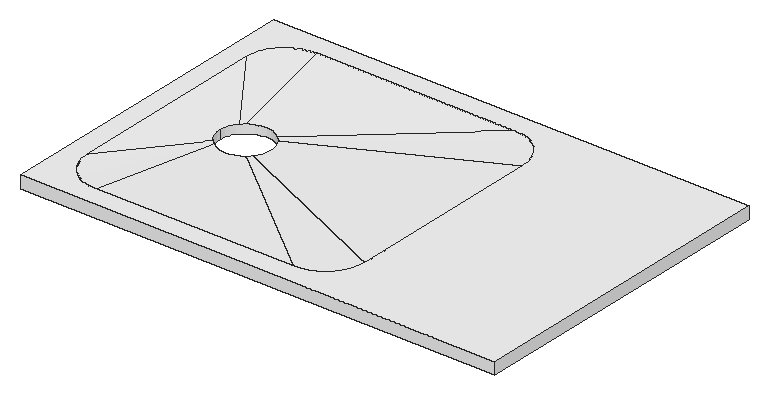
Revit family "NBS_DuPontCorian_ShowerTrays_Smart", category Plumbing Fixtures, host Face, Revit 2015
Parameters
  WarrantyStartDate [instance] = "1900-12-31T23:59:59"
  WarrantyGuarantorParts = "n/a"
  WarrantyGuarantorLabor = "n/a"
  WarrantyDurationUnit = "year"
  WarrantyDurationParts = "n/a"
  WarrantyDurationLabor = "n/a"
  WarrantyDescription = "n/a"
  WFU = 0
  Version = "1"  # constant formula
  Uniclass2015Version = "Products v1.3"
  Uniclass2015Title = "Shower trays"
  Uniclass2015Code = "Pr_40_20_06_84"
  TagNumber [instance] = "n/a"
  SustainabilityPerformance = "n/a"
  SlopeWidth = 700.00 mm
  SlopeLength = 700.00 mm
  Width = 800.00 mm
  TrayPlacementAboveSurface = 1.00 mm
  Size = "1200x800x30mm"
  ShowerType = "NotKnown"
  ShowerTrayMaterial = NBS_Concept
  ShowerHeadDescription = "n/a"
  Shape = "Rectangular"
  SerialNumber [instance] = "n/a"
  Revision = "n/a"
  ReplacementCost = "n/a"
  ProductInformation = "www.dupont.co.uk/products-and-services/construction-materials/surface-design-materials/brands/corian-solid-surfaces/products/sinks.html?elqTrackId=01f5f20e93e848a3ab5f9e2efde4dc0f&elqaid=1733&elqat=2"
  OverflowAndWasteHolesWaste = "n/a"
  NominalWidth = 0.00 mm
  NominalLength = Length  # 1200.00 mm
  NominalHeight = Depth  # 30.00 mm
  NominalDepth = Width  # 800.00 mm
  Name = "ShowerTrays_Smart8211_DuPont Corian"
  NBSTypeID = "n/a"
  NBSReference = "45-35-70/336"
  NBSOfficeMasterTag = "n/a"
  NBSNote = "n/a"
  NBSDescription = "Shower trays"
  NBSCertification = "www.nationalbimlibrary.com/cert/4p2cz4hj"
  ModelReference = "Smart 8211"
  ModelNumber = "8211"
  MaterialsBody = "n/a"
  MaterialThickness = 0.00 mm
  Material = "n/a"
  ManufacturerURL = "www.corian.co.uk"
  ManufacturerName = "DuPont™ Corian®"  # constant formula
  Manufacturer = "sales@corian.co.uk"
  Length = 1200.00 mm
  IntegralAccessories = "n/a"
  InstallationDate [instance] = "1900-12-31T23:59:59"
  IfcExportType = "SHOWER"  # constant formula
  IfcExportAs = "IfcSanitaryTerminalType"  # constant formula
  HasTray = yes
  Grade = "n/a"
  Form = "n/a"
  Finish = "n/a"
  Features = "n/a"
  ExpectedLife = "n/a"
  DurationUnit = "year"
  DrainSize = 90.00 mm
  Description = "n/a"
  Depth = 30.00 mm
  Default Elevation = 0.00 mm
  Constituents = "n/a"
  Color = "Glacier white"
  CodePerformance = "n/a"
  Category = "n/a"
  BarCode [instance] = "n/a"
  BIMObjectName = "NBS_DuPontCorian_ShowerTrays_Smart_8211"
  Author = "NBS"  # constant formula
  AssetType = "Fixed"
  AssetIdentifier [instance] = "n/a"
  AccessibilityPerformance = "n/a"
Reference planes
  plane 1 "Center (Front/Back)": y = 0
  plane 2: z = 0
  plane 3 "Center (Left/Right)": x = 0
  plane 4 "Left": x = -600
  plane 5 "Right": x = 600
  plane 6 "Back": y = 400
  plane 7 "Front": y = -400
  plane 8: z = -29
  plane 9: z = 1
  plane 10: y = 350
  plane 11: y = -350
  plane 12: x = -550
  plane 13: x = 150
  plane 14: x = -350
  plane 15: x = -415
  plane 16: x = -285
  plane 17: z = -8
  plane 18: y = 250
  plane 19: x = 50
  plane 20: x = -450
  plane 21: y = -250
Forms (mm)
  Extrusion 1, solid, material "NBS_Concept" <- "ShowerTrayMaterial"
    sketch origin (-1524, -4572, -29) x (-1, 0, 0) y (0, -1, 0)
      loop
        line (-924, -4972) -> (-924, -4172) -> (-2124, -4172) -> (-2124, -4972) -> (-924, -4972)
      loop
        circle (-1174, -4572) r 65
    from 0 to 30
  Blend 2, void
    base sketch origin (-1524, -4572, 1) x (-1, 0, 0) y (0, -1, 0)
      loop
        arc (-1074, -4922) -> (-1003.289, -4892.711) -> (-974, -4822) r 100
        line (-974, -4822) -> (-974, -4322)
        arc (-974, -4322) -> (-1003.289, -4251.289) -> (-1074, -4222) r 100
        line (-1074, -4222) -> (-1574, -4222)
        arc (-1574, -4222) -> (-1644.711, -4251.289) -> (-1674, -4322) r 100
        line (-1674, -4322) -> (-1674, -4822)
        arc (-1674, -4822) -> (-1644.711, -4892.711) -> (-1574, -4922) r 100
        line (-1574, -4922) -> (-1074, -4922)
    top sketch origin (-1524, -4572, 1) x (-1, 0, 0) y (0, -1, 0)
      loop
        arc (-1134.604, -4620.682) -> (-1128.038, -4617.962) -> (-1125.318, -4611.396) r 9.286
        line (-1125.318, -4611.396) -> (-1125.318, -4532.604)
        arc (-1125.318, -4532.604) -> (-1128.038, -4526.038) -> (-1134.604, -4523.318) r 9.286
        line (-1134.604, -4523.318) -> (-1213.396, -4523.318)
        arc (-1213.396, -4523.318) -> (-1219.962, -4526.038) -> (-1222.682, -4532.604) r 9.286
        line (-1222.682, -4532.604) -> (-1222.682, -4611.396)
        arc (-1222.682, -4611.396) -> (-1219.962, -4617.962) -> (-1213.396, -4620.682) r 9.286
        line (-1213.396, -4620.682) -> (-1134.604, -4620.682)
    from 0 to -9
  Extrusion 3, void
    sketch origin (-1524, -4572, -29) x (-1, 0, 0) y (0, -1, 0)
      loop
        line (-924, -4972) -> (-924, -4172) -> (-2124, -4172) -> (-2124, -4972) -> (-924, -4972)
    from 0 to 30
Cuts and joins
  Blend 2 cuts Extrusion 1
Dimensions and locks
  equal spacing: plane 4 "Left", plane 3 "Center (Left/Right)", plane 5 "Right"
  "Length": plane 4 "Left" to plane 5 "Right"
  equal spacing: plane 6 "Back", plane 1 "Center (Front/Back)", plane 7 "Front"
  "Width": plane 6 "Back" to plane 7 "Front"
  "Depth": plane 9 to plane 8
  equal spacing: plane 10, plane 1 "Center (Front/Back)", plane 11
  "SlopeWidth": plane 10 to plane 11
  locked: plane 4 "Left" to plane 12 at 50
  "SlopeLength": plane 12 to plane 13
  locked: plane 4 "Left" to plane 14 at 250
  equal spacing: plane 15, plane 14, plane 16
  locked: plane 15 to plane 16 at 130
  locked: plane 9 to plane 17 at 9
  locked: plane 12 to plane 20 at 100
  locked: plane 19 to plane 13 at 100
  locked: plane 18 to plane 10 at 100
  locked: plane 11 to plane 21 at 100
  "TrayPlacementAboveSurface": plane 9 to level
  radius of Extrusion 1 sketch curve = 65.00 mm
  radius of Blend 2 sketch curve = 100.00 mm  (x4)
  aligned and locked: plane 2 to host face
  aligned and locked: level to host face
  aligned and locked: plane 7 "Front" to Extrusion 1 sketch curve
  aligned and locked: plane 4 "Left" to Extrusion 1 sketch curve
  aligned and locked: Extrusion 1 sketch curve to plane 6 "Back"
  aligned and locked: plane 5 "Right" to Extrusion 1 sketch curve
  aligned and locked: plane 1 "Center (Front/Back)" to Extrusion 1 sketch curve
  aligned and locked: plane 14 to Extrusion 1 sketch curve
  aligned and locked: Extrusion 1 to plane 8
  aligned and locked: plane 9 to Extrusion 1
  aligned and locked: Blend 2 sketch curve to plane 11
  aligned and locked: plane 18 to Blend 2 sketch curve
  aligned and locked: plane 20 to Blend 2 sketch curve
  aligned and locked: Blend 2 sketch curve to plane 20
  aligned and locked: Blend 2 sketch curve to plane 21
  aligned and locked: plane 19 to Blend 2 sketch curve  (x2)
  aligned and locked: Blend 2 sketch curve to plane 18
  aligned and locked: Blend 2 to plane 9
  aligned and locked: Blend 2 to plane 17
  aligned and locked: plane 7 "Front" to Extrusion 3 sketch curve
  aligned and locked: plane 5 "Right" to Extrusion 3 sketch curve
  aligned and locked: plane 4 "Left" to Extrusion 3 sketch curve
  aligned and locked: Extrusion 3 sketch curve to plane 6 "Back"
  aligned and locked: Extrusion 3 to plane 8
  aligned and locked: plane 9 to Extrusion 3
Automatic sketch dimensions
  plane 16 to Blend 2 sketch curve = 16.318 mm
  Blend 2 sketch curve to plane 15 = 16.318 mm
  Blend 2 sketch curve to plane 1 "Center (Front/Back)" = 48.682 mm
  plane 1 "Center (Front/Back)" to Blend 2 sketch curve = 39.396 mm
  Blend 2 sketch curve to Blend 2 sketch curve = 9.286 mm  (x4)
  host sketch curve to host sketch curve = 1500.00 mm  (x2)
Connectors
  piping at (-350, 0, -29), diameter 90, driven by "DrainSize", driven by "WFU"
    settings: on cut or joined group of Extrusion 1, Blend 2, index 1, connector inside diameter 609.6 mm, connector length 0.00 mm, flow factor 0, pipe flow 0.0 L/s, pressure drop 0.0 Pa, fitting loss kfactor 0, connector angle 0.00°, fixture units 0, engagement length 0.00 mm, angle of deflection 0.00°, flow configuration 3, flow direction 2, fitting loss method 0, system type 16, joint type 0, gender type 0, connector reference index -1, connector utility 0, adjustable connector no, is connector primary yes, connector description ""
Types in the file's own list only (11): name | SlopeWidth | SlopeLength | Width | Size | NominalLength | NominalDepth | Name | ModelReference | ModelNumber | Length | BIMObjectName
  Smart_8212 | 700.00 mm | 1100.00 mm | 800.00 mm | "1200x800x30mm" | 1200.00 mm | 800.00 mm | "ShowerTrays_Smart8212_DuPont Corian" | "Smart 8212" | "8212" | 1200.00 mm | "NBS_DuPontCorian_ShowerTrays_Smart_8212"
  Smart_8213 | 700.00 mm | 1100.00 mm | 800.00 mm | "1400x800x30mm" | 1400.00 mm | 800.00 mm | "ShowerTrays_Smart8213_DuPont Corian" | "Smart 8213" | "8213" | 1400.00 mm | "NBS_DuPontCorian_ShowerTrays_Smart_8213"
  Smart_8214 | 700.00 mm | 1100.00 mm | 800.00 mm | "1600x800x30mm" | 1600.00 mm | 800.00 mm | "ShowerTrays_Smart8214_DuPont Corian" | "Smart 8214" | "8214" | 1600.00 mm | "NBS_DuPontCorian_ShowerTrays_Smart_8214"
  Smart_8215 | 700.00 mm | 1100.00 mm | 800.00 mm | "1800x800x30mm" | 1800.00 mm | 800.00 mm | "ShowerTrays_Smart8215_DuPont Corian" | "Smart 8215" | "8215" | 1800.00 mm | "NBS_DuPontCorian_ShowerTrays_Smart_8215"
  Smart_8216 | 700.00 mm | 1100.00 mm | 800.00 mm | "2000x800x30mm" | 2000.00 mm | 800.00 mm | "ShowerTrays_Smart8216_DuPont Corian" | "Smart 8216" | "8216" | 2000.00 mm | "NBS_DuPontCorian_ShowerTrays_Smart_8216"
  Smart_8221 | 800.00 mm | 800.00 mm | 900.00 mm | "1200x900x30mm" | 1200.00 mm | 900.00 mm | "ShowerTrays_Smart8221_DuPont Corian" | "Smart 8221" | "8221" | 1200.00 mm | "NBS_DuPontCorian_ShowerTrays_Smart_8221"
  Smart_8222 | 800.00 mm | 1100.00 mm | 900.00 mm | "1200x900x30mm" | 1200.00 mm | 900.00 mm | "ShowerTrays_Smart8222_DuPont Corian" | "Smart 8222" | "8222" | 1200.00 mm | "NBS_DuPontCorian_ShowerTrays_Smart_8222"
  Smart_8223 | 800.00 mm | 1100.00 mm | 900.00 mm | "1400x900x30mm" | 1400.00 mm | 900.00 mm | "ShowerTrays_Smart8223_DuPont Corian" | "Smart 8223" | "8223" | 1400.00 mm | "NBS_DuPontCorian_ShowerTrays_Smart_8223"
  Smart_8224 | 800.00 mm | 1100.00 mm | 900.00 mm | "1600x900x30mm" | 1600.00 mm | 900.00 mm | "ShowerTrays_Smart8224_DuPont Corian" | "Smart 8224" | "8224" | 1600.00 mm | "NBS_DuPontCorian_ShowerTrays_Smart_8224"
  Smart_8225 | 800.00 mm | 1100.00 mm | 900.00 mm | "1800x900x30mm" | 1800.00 mm | 900.00 mm | "ShowerTrays_Smart8225_DuPont Corian" | "Smart 8225" | "8225" | 1800.00 mm | "NBS_DuPontCorian_ShowerTrays_Smart_8225"
  Smart_8226 | 800.00 mm | 1100.00 mm | 900.00 mm | "2000x900x30mm" | 2000.00 mm | 900.00 mm | "ShowerTrays_Smart8226_DuPont Corian" | "Smart 8226" | "8226" | 2000.00 mm | "NBS_DuPontCorian_ShowerTrays_Smart_8226"
